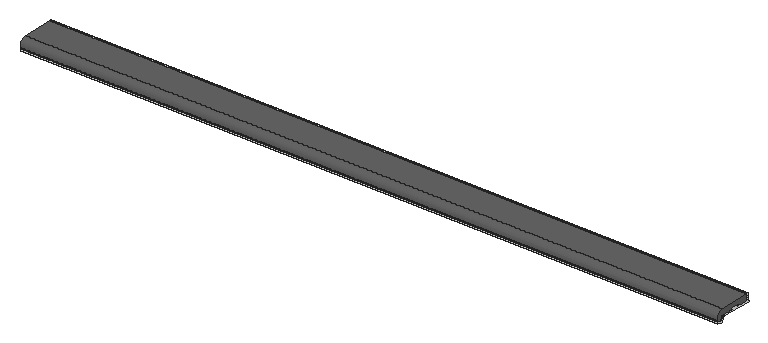
Revit family "Stair_Tread-Wooster-Spectra_Safety_Treads-WP2T", category Specialty Equipment, host Face, Revit 2017
Family settings
  Host = Face
  Round Connector Dimension = Use Diameter
  Part Type = Normal
  OmniClass Number = 23.30.70.21.11.11.11
  OmniClass Title = Stair Nosings
  Cut with Voids When Loaded = No
  Shared = No
  Room Calculation Point = No
Parameters (values of type "WP2T")
  Width [instance] = 0' - 2 1/16"  # constant formula
  Version = "2017 - v2.0a"  # constant formula
  URL = "http://www.wooster-products.com/"
  Support Phone = "(224) 699-9545"  # constant formula
  Support Email = "mailto:support@anguleris.com"
  Safety Tread [instance] = Filler - Wooster - Black - Abrasive Filler
  Product Page URL = "http://www.woosterproducts.com/products/extruded-aluminum/spectra/"
  Product Name = "Spectra Nosings"  # constant formula
  Product Documentation Link = "http://www.woosterproducts.com/spec/WP2T.pdf"
  Model = "WP2T"
  Material = ""
  Manufacturer Phone Number = "1-800-321-4936 or 330-264-2844"  # constant formula
  Manufacturer Fax Number = "330-262-4151"  # constant formula
  Manufacturer Email = "mailto:tim@wooster-products.com"
  Manufacturer Address = "1000 Spruce Street, P.O. BOX 6005, Wooster, OH. 44691"  # constant formula
  Manufacturer = "Wooster Productions Inc"  # constant formula
  Length Constraint [instance] = if(Length > 10' 0", 10' 0", Length)  # 3' - 0"
  Length [instance] = 3' - 0"
  Description = "Anti-Slip Stair Nosing"  # constant formula
  Depth = 0' - 0 3/8"  # constant formula
  Default Elevation = 0' - 0"  # constant formula
  Copyright = "Wooster Products Inc. 2019"  # constant formula
  Construction Type = "Existing Construction"  # constant formula
Values of the unnamed type that differ from the named types
  Support Email = ""
  Product Page URL = "http://www.wooster-products.com/Spectra_Safety_Treads.html"
  Product Documentation Link = "http://wooster-products.com/pub/Specs/WP2T.pdf"
  Manufacturer Email = ""
Reference planes (in)
  plane 1 "Center (Front/Back)": y = 0
  plane 2: z = 0
  plane 3 "Center (Left/Right)": x = 0
  plane 4 "Left": x = -18
  plane 5 "Right": x = 18
  plane 6 "Back": y = 1.03125
  plane 7 "Front": y = -1.03125
  plane 8 "Bottom": z = -0.35938
  plane 9: z = 0.01562
Forms (in)
  Sweep 1, solid, material "Filler - Wooster - Black - Abrasive Filler" <- "Safety Tread"
    path origin (0, 23.96248, 0.01562) x (0, 1, 0) y (-1, 0, 0)
      loop
        line (-22.93123, -18) -> (-22.93123, 18)
    profile "WP2T Abrasive Filler : WP2T Abrasive Filler" origin (0, 1.03125, 0.01562) x (0, -1, 0) y (0, 0, 1)
      loop
        line (0.06522, 0) -> (0.11549, -0.18761) -> (0.08414, -0.30461) -> (0.71203, -0.30461) -> (0.68701, -0.21123) -> (1.062, -0.21123) -> (1.03697, -0.30461) -> (1.55498, -0.30461)
        arc (1.55498, -0.30461) -> (1.61645, -0.31455) -> (1.67166, -0.34338) r 0.19497
        line (1.67166, -0.34338) -> (1.68153, -0.30653) -> (1.748, -0.373) -> (1.71117, -0.38287)
        arc (1.71117, -0.38287) -> (1.74368, -0.45048) -> (1.74827, -0.52537) r 0.19503
        line (1.74827, -0.52537) -> (2, -0.45792) -> (2, -0.38792)
        arc (2, -0.38792) -> (1.89935, -0.11489) -> (1.632, 0) r 0.36851
        line (1.632, 0) -> (0.06522, 0)
  Sweep 2, solid, material "Metal - Wooster - Extruded Aluminum"
    path origin (0, 23.96248, 0.01562) x (0, 1, 0) y (-1, 0, 0)
      loop
        line (-22.93123, -18) -> (-22.93123, 18)
    profile "WP2T Aluminum Base : WP2T Aluminum Base" origin (0, 1.03125, 0.01562) x (0, -1, 0) y (0, 0, 1)
      loop
        line (0, -0.37523) -> (1.555, -0.37523)
        arc (1.555, -0.37523) -> (1.64339, -0.41184) -> (1.68, -0.50022) r 0.125
        line (1.68, -0.50022) -> (1.68, -0.61366) -> (2, -0.52792) -> (2, -0.45792) -> (1.74827, -0.52537)
        arc (1.74827, -0.52537) -> (1.74368, -0.45048) -> (1.71117, -0.38287) r 0.19503
        line (1.71117, -0.38287) -> (1.748, -0.373) -> (1.68153, -0.30653) -> (1.67166, -0.34338)
        arc (1.67166, -0.34338) -> (1.61645, -0.31455) -> (1.55498, -0.30461) r 0.19497
        line (1.55498, -0.30461) -> (1.03697, -0.30461) -> (1.062, -0.21123) -> (0.68701, -0.21123) -> (0.71203, -0.30461) -> (0.08414, -0.30461) -> (0.11549, -0.18761) -> (0.06522, 0) -> (0, 0) -> (0.05027, -0.18761) -> (0, -0.37523)
  Sweep 3, void
    path origin (0, 23.96248, 0.01562) x (0, 1, 0) y (-1, 0, 0)
      loop
        line (-22.93123, 18) -> (-22.93123, -18)
    profile "WP2T Void : WP2T Void" origin (0, 1.03125, 0.01562) x (0, 1, 0) y (0, 0, 1)
      loop
        line (0, -0.37523) -> (-0.05027, -0.18761) -> (0, 0) -> (-2, 0) -> (-2, -0.52792) -> (-1.68, -0.61366) -> (-1.68, -0.50022)
        arc (-1.68, -0.50022) -> (-1.64339, -0.41184) -> (-1.555, -0.37523) r 0.125
        line (-1.555, -0.37523) -> (0, -0.37523)
Lines and regions (in)
  Masking region 1
    outline origin (0, 0, 0) x (1, 0, 0) y (0, 1, 0)
      loop
        line (-18, 1.03125) -> (-18, -1.03125) -> (18, -1.03125) -> (18, 1.03125) -> (-18, 1.03125)
Dimensions and locks (in)
  equal spacing: plane 4 "Left", plane 3 "Center (Left/Right)", plane 5 "Right"
  "Length Constraint": plane 4 "Left" to plane 5 "Right"
  equal spacing: plane 7 "Front", plane 1 "Center (Front/Back)", plane 6 "Back"
  "Width": plane 7 "Front" to plane 6 "Back"
  "Depth": plane 9 to plane 8 "Bottom"
  locked: plane 2 to plane 8 "Bottom" at 0.35938
  aligned and locked: plane 2 to host face
  aligned and locked: level to host face
  aligned and locked: plane 6 "Back" to Sweep 1 sketch curve
  aligned and locked: plane 5 "Right" to Sweep 1 sketch curve
  aligned and locked: plane 4 "Left" to Sweep 1 sketch curve
  aligned and locked: plane 6 "Back" to Sweep 2 sketch curve
  aligned and locked: plane 4 "Left" to Sweep 2 sketch curve
  aligned and locked: plane 5 "Right" to Sweep 2 sketch curve
  aligned and locked: Sweep 3 sketch curve to plane 6 "Back"
  aligned and locked: plane 4 "Left" to Sweep 3 sketch curve
  aligned and locked: plane 5 "Right" to Sweep 3 sketch curve
  aligned and locked: Masking region 1 sketch curve to plane 6 "Back"
  aligned and locked: Masking region 1 sketch curve to plane 7 "Front"
  aligned and locked: plane 5 "Right" to Masking region 1 sketch curve
  aligned and locked: plane 4 "Left" to Masking region 1 sketch curve
Automatic sketch dimensions
  host sketch curve to host sketch curve = 8' - 0"
  host sketch curve to host sketch curve = 4' - 0"
